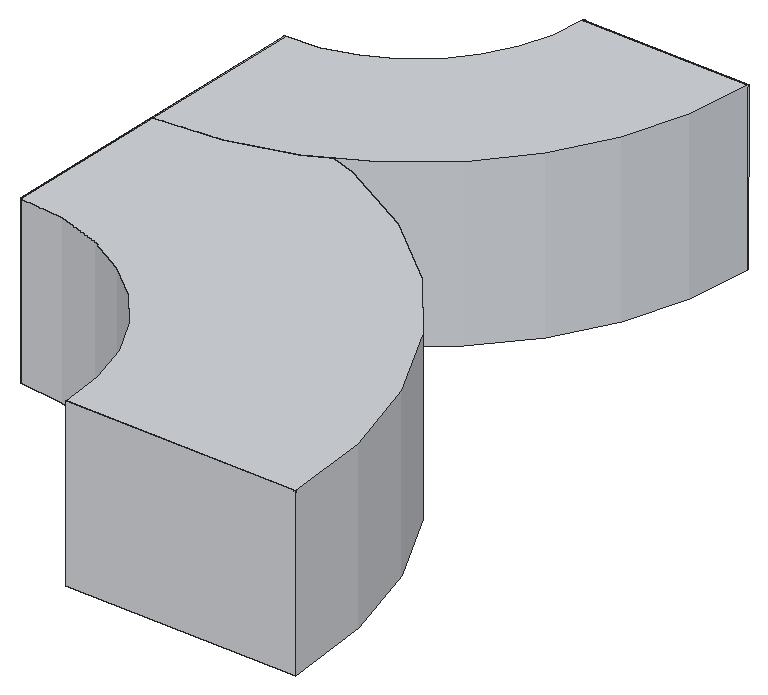
Revit family "M_Rectangular Wye Curved Transition - DTL", category Duct Fittings, Revit 2014
Parameters (values of type "Standard")
  Top Change Right [instance] = Depth In - Depth Out Right + Bottom Change Right  # 0 mm
  Top Change Left [instance] = -(Depth In - Depth Out Left) + Bottom Change Left  # 0 mm
  Top Offset 1 [instance] = (Depth In - Depth Out Left) / 2 - Top Change Left  # 0 mm
  Top Offset 2 [instance] = (Depth In - Depth Out Right) / 2 - Top Change Right  # 0 mm
  Radius Right [instance] = 625 mm
  Radius Left [instance] = 450 mm
  Length 7 [instance] = Depth Out Left / 4 + Top Offset 1  # 112.5 mm
  Length 6 [instance] = (Depth In + Depth Out Left + Depth Out Right + abs(Top Offset 1) + abs(Top Offset 2)) / 2 + 127 mm  # 802 mm
  Length 5 [instance] = ((Radius Right + Width Out Right / 2) - (Radius Right + Width In / 2) * cos(Angle 3)) / sin(Angle 3)  # 937.5 mm
  Length 4 [instance] = ((Radius Left + Width Out Left / 2) - (Radius Left + Width In / 2) * cos(Angle 2)) / sin(Angle 2)  # 675 mm
  Length 3 [instance] = Width In / 2 + Radius Right  # 1075 mm
  Length 2 [instance] = Width In / 2 + Radius Left  # 900 mm
  Length 19 [instance] = Length 2 - Length 10  # 900 mm
  Length 18 [instance] = if(Straight In = 0 mm, 0.794 mm, Straight In)  # 0.794 mm
  Length 17 [instance] = if(Straight Out Right = 0 mm, 0.794 mm, Straight Out Right)  # 0.794 mm
  Length 16 [instance] = if(Straight Out Left = 0 mm, 0.794 mm, Straight Out Left)  # 0.794 mm
  Length 15 [instance] = 3048 mm + Top Offset 2  # 3048 mm
  Length 14 [instance] = 3048 mm + Top Offset 1  # 3048 mm
  Length 12 [instance] = (Radius Right + Width Out Right / 2) * sin(Angle 3)  # 937.5 mm
  Length 13 [instance] = (Radius Right + Width Out Right / 2) * cos(Angle 3)  # 0 mm
  Length 11 [instance] = (Radius Left + Width Out Left / 2) * sin(Angle 2)  # 675 mm
  Length 10 [instance] = (Radius Left + Width Out Left / 2) * cos(Angle 2)  # 0 mm
  Length 1 [instance] = 9144 mm - (Length 4 + Length 5) / 2  # 8337.75 mm
  Width In [instance] = 900 mm
  Width Out Right [instance] = 625 mm
  Width Out Left [instance] = 450 mm
  Straight In [instance] = 0 mm
  Straight Out Right [instance] = 0 mm
  Straight Out Left [instance] = 0 mm
  Depth In [instance] = 450 mm
  Depth Out Right [instance] = 450 mm
  Depth Out Left [instance] = 450 mm
  Center Radius 2 [instance] = Radius Right + Width Out Right / 2  # 937.5 mm
  Center Radius 1 [instance] = Radius Left + Width Out Left / 2  # 675 mm
  Bottom Change Right [instance] = 0 mm
  Bottom Change Left [instance] = 0 mm
  Angle 3 [instance] = 90.00°
  Angle 2 [instance] = 90.00°
Reference planes
  plane 1 "Center (Front/Back)": y = 0
  plane 2: z = 0
  plane 3 "Center (Left/Right)": x = 0
  plane 4: z = 802
  plane 5: z = -802
  plane 6: z = 802
  plane 7: z = -802
  plane 8: z = 0
  plane 9: z = 0
  plane 10: z = 802
  plane 11: z = -802
  plane 12: z = -3048
  plane 13: x = -806.25
  plane 14: x = -9144
  plane 15: y = 900
  plane 16: y = -1075
  plane 17: x = -807.044
  plane 18: x = -131.25
  plane 19: y = 900
  plane 20: z = 76.2
  plane 21: y = 823.8
  plane 22: z = 398.084
  plane 23: y = -76.2
  plane 24: z = 76.2
  plane 25: x = 131.25
  plane 26: y = -1075
  plane 27: x = -806.25
  plane 28: y = 76.2
  plane 29: z = 76.2
  plane 30: y = -998.8
  plane 31: z = 76.2
Forms (mm)
  Sweep 1, solid, detail levels medium+fine
    path in 3D
      loop
        line (-807.044, 0, 0) -> (-806.25, 0, 0)
    profile "M_Duct - Rectangular : Duct - Rectangular 3" origin (-806.647, 0, 0) x (0, 1, 0) y (0, 0, 1)
      loop
        line (-450, 225) -> (-450, -225) -> (450, -225) -> (450, 225) -> (-450, 225)
  Blend 2, solid, not visible
    base sketch origin (0, 0, 0) x (0, 1, 0) y (0, 0, 1)
      loop
        line (900, 76.2) -> (823.8, 76.2) -> (823.8, 0) -> (900, 0) -> (900, 76.2)
    top sketch origin (0, 0, 0) x (0, 1, 0) y (0, 0, 1)
      loop
        line (0, 76.2) -> (-76.2, 76.2) -> (-76.2, 0) -> (0, 0) -> (0, 76.2)
    from -131.25 to -806.25
  Extrusion 3, void
    sketch origin (571.5, -4572, 0) x (-1, 0, 0) y (0, -1, 0)
      loop
        circle (1377.75, -5472) r 450
    from -863.6 to 863.6
  Extrusion 4, void
    sketch origin (571.5, -4572, 0) x (-1, 0, 0) y (0, -1, 0)
      loop
        circle (1377.75, -3497) r 625
    from -863.6 to 863.6
  Blend 5, solid, not visible
    base sketch origin (0, 0, 0) x (0, 1, 0) y (0, 0, 1)
      loop
        line (76.2, 0) -> (76.2, 76.2) -> (0, 76.2) -> (0, 0) -> (76.2, 0)
    top sketch origin (0, 0, 0) x (0, 1, 0) y (0, 0, 1)
      loop
        line (-998.8, 76.2) -> (-1075, 76.2) -> (-1075, 0) -> (-998.8, 0) -> (-998.8, 76.2)
    from -806.25 to 131.25
  SweptBlend 6, solid, detail levels medium+fine
    path in 3D
      loop
        arc (-806.25, -137.5, 0) -> (-143.337, -412.087, 0) -> (131.25, -1075, 0) r 937.5
    profile "M_Duct - Rectangular : Duct - Rectangular 5" origin (-806.25, -137.5, 0) x (0, 1, 0) y (0, 0, 1)
      loop
        line (-312.5, 225) -> (-312.5, -225) -> (312.5, -225) -> (312.5, 225) -> (-312.5, 225)
    end profile "M_Duct - Rectangular : Duct - Rectangular 2" origin (131.25, -1075, 0) x (1, 0, 0) y (0, 0, 1)
      loop
        line (-312.5, 225) -> (-312.5, -225) -> (312.5, -225) -> (312.5, 225) -> (-312.5, 225)
  SweptBlend 7, solid, detail levels medium+fine
    path in 3D
      loop
        arc (-806.25, 225, 0) -> (-328.953, 422.703, 0) -> (-131.25, 900, 0) r 675
    profile "M_Duct - Rectangular : Duct - Rectangular 4" origin (-806.25, 225, 0) x (0, 1, 0) y (0, 0, 1)
      loop
        line (-225, 225) -> (-225, -225) -> (225, -225) -> (225, 225) -> (-225, 225)
    end profile "M_Duct - Rectangular : Duct - Rectangular 1" origin (-131.25, 900, 0) x (-1, 0, 0) y (0, 0, 1)
      loop
        line (-225, 225) -> (-225, -225) -> (225, -225) -> (225, 225) -> (-225, 225)
  Sweep 8, solid, detail levels medium+fine
    path in 3D
      loop
        line (-131.25, 900, 0) -> (-131.25, 900.794, 0)
    profile "M_Duct - Rectangular : Duct - Rectangular 1" origin (-131.25, 900.397, 0) x (-1, 0, 0) y (0, 0, 1)
      loop
        line (-225, 225) -> (-225, -225) -> (225, -225) -> (225, 225) -> (-225, 225)
  Sweep 9, solid, detail levels medium+fine
    path in 3D
      loop
        line (131.25, -1075, 0) -> (131.25, -1075.794, 0)
    profile "M_Duct - Rectangular : Duct - Rectangular 2" origin (131.25, -1075.397, 0) x (1, 0, 0) y (0, 0, 1)
      loop
        line (-312.5, 225) -> (-312.5, -225) -> (312.5, -225) -> (312.5, 225) -> (-312.5, 225)
Lines and regions (mm)
  model lines, detail levels coarse
    curve 1: line (-807.044, 0, 0) -> (-806.25, 0, 0)
    curve 3: line (-131.25, 900, 0) -> (-806.25, 0, 0)
    curve 8: line (-131.25, 900, 0) -> (-131.25, 900.794, 0)
    curve 10: line (131.25, -1075, 0) -> (131.25, -1075.794, 0)
    curve 12: line (-806.25, 0, 0) -> (131.25, -1075, 0)
  sketch lines
    curve 2: line (-807.044, 0, 0) -> (-806.25, 0, 0)
    curve 5: arc (-806.25, -137.5, 0) -> (-143.337, -412.087, 0) -> (131.25, -1075, 0) r 937.5
    curve 7: arc (-806.25, 225, 0) -> (-328.953, 422.703, 0) -> (-131.25, 900, 0) r 675
    curve 9: line (-131.25, 900, 0) -> (-131.25, 900.794, 0)
    curve 11: line (131.25, -1075, 0) -> (131.25, -1075.794, 0)
  reference lines
    curve 4: arc (-806.25, -137.5, 0) -> (-143.337, -412.087, 0) -> (131.25, -1075, 0) r 937.5
    curve 6: arc (-806.25, 225, 0) -> (-328.953, 422.703, 0) -> (-131.25, 900, 0) r 675
Dimensions and locks
  equal spacing: plane 4, plane 2, plane 5
  "Length 6": plane 4 to plane 2
  equal spacing: plane 6, plane 2, plane 7
  "Length 6": plane 6 to plane 2
  equal spacing: plane 10, plane 2, plane 11
  "Length 6": plane 10 to plane 2
  locked: plane 2 to plane 12 at 3048
  "Length 14": plane 8 to plane 12
  "Length 15": plane 9 to plane 12
  locked: plane 14 to plane 3 "Center (Left/Right)" at 9144
  "Length 1": plane 14 to plane 13
  "Length 2": plane 15 to plane 1 "Center (Front/Back)"
  "Length 3": plane 1 "Center (Front/Back)" to plane 16
  "Length 18": plane 17 to plane 13
  "Length 19": plane 19 to plane 1 "Center (Front/Back)"
  "Length 11": plane 13 to plane 18
  locked: plane 20 to plane 8 at 76.2
  locked: plane 19 to plane 21 at 76.2
  plane 1 "Center (Front/Back)" to plane 23 = 76.2 mm
  locked: plane 24 to plane 2 at 76.2
  "Length 12": plane 13 to plane 25
  "Length 13": plane 26 to plane 16
  "Length 1": plane 14 to plane 27
  plane 28 to plane 1 "Center (Front/Back)" = 76.2 mm
  plane 30 to plane 26 = 76.2 mm
  plane 29 to plane 9 = 76.2 mm
  locked: plane 31 to plane 2 at 76.2
  "Length 16": curve 8 to curve 8
  "Length 17": curve 10 to curve 10
  "Radius Right": radius of Extrusion 4 sketch curve
  "Radius Left": radius of Extrusion 3 sketch curve
  "Center Radius 2": radius of curve 4
  "Center Radius 1": radius of curve 6
  "Angle 3": angle curve 4 to curve 4
  "Angle 2": angle curve 6 to curve 6
  "Angle 2": angle plane 19 to curve 8
  "Angle 3": angle curve 10 to plane 26
  aligned and locked: Blend 2 sketch curve to plane 19
  aligned and locked: Blend 2 sketch curve to plane 21
  aligned and locked: Blend 2 sketch curve to plane 20
  aligned and locked: plane 1 "Center (Front/Back)" to Blend 2 sketch curve
  aligned and locked: plane 2 to Blend 2 sketch curve
  aligned and locked: Blend 2 sketch curve to plane 24
  aligned and locked: Blend 2 sketch curve to plane 23
  aligned and locked: Blend 2 to plane 13
  aligned and locked: plane 18 to Blend 2
  aligned and locked: curve 3 to Blend 2  (x2)
  aligned and locked: plane 13 to Extrusion 3 sketch curve
  aligned and locked: plane 15 to Extrusion 3 sketch curve
  aligned and locked: plane 16 to Extrusion 4 sketch curve
  aligned and locked: plane 27 to Extrusion 4 sketch curve
  aligned and locked: Blend 5 sketch curve to plane 1 "Center (Front/Back)"
  aligned and locked: plane 28 to Blend 5 sketch curve
  aligned and locked: plane 26 to Blend 5 sketch curve
  aligned and locked: plane 9 to Blend 5 sketch curve
  aligned and locked: plane 30 to Blend 5 sketch curve
  aligned and locked: Blend 5 sketch curve to plane 29
  aligned and locked: Blend 5 to plane 27
  aligned and locked: plane 25 to Blend 5
  aligned and locked: plane 31 to Blend 5 sketch curve
  aligned and locked: Blend 5 sketch curve to plane 2
  aligned and locked: plane 13 to curve 1
  aligned and locked: plane 16 to curve 4
  aligned and locked: plane 13 to curve 4  (x2)
  aligned and locked: plane 15 to curve 6
  aligned and locked: plane 13 to curve 6  (x2)
  aligned and locked: plane 18 to curve 8
  aligned and locked: plane 19 to curve 8
  aligned and locked: plane 26 to curve 10
  aligned and locked: plane 25 to curve 10
  aligned and locked: curve 12 to Blend 5
Automatic sketch dimensions
  Blend 2 sketch curve to plane 8 = 0 mm
  curve 3 to Blend 2 = 0 mm
  plane 1 "Center (Front/Back)" to curve 1 = 0 mm
  curve 1 to plane 17 = 0 mm
  curve 12 to Blend 5 = 0 mm  (x2)
Connectors
  hvac at (-807.044, 0, 0), driven by "Depth In", driven by "Width In"
    settings: on Sweep 1, index 1, duct flow 0.0 L/s, flow factor 0, pres drop 0.0 Pa, loss coef 0, conn angle 0.00°, conn width 900 mm, conn height 450 mm, conn diameter 609.6 mm, duct sys type 28, conn prof type 1, flow config 0, flow direction 0, loss method 0, conn ref index -1, conn util no, is conn primary yes, conn desc ""
  hvac at (131.25, -1075.794, 0), driven by "Angle 3", driven by "Depth Out Right", driven by "Width Out Right"
    settings: on Sweep 9, index 2, duct flow 0.0 L/s, flow factor 0, pres drop 0.0 Pa, loss coef 0, conn angle 90.00°, conn width 625 mm, conn height 450 mm, conn diameter 609.6 mm, duct sys type 28, conn prof type 1, flow config 0, flow direction 0, loss method 0, conn ref index -1, conn util no, is conn primary no, conn desc ""
  hvac at (-131.25, 900.794, 0), driven by "Angle 2", driven by "Depth Out Left", driven by "Width Out Left"
    settings: on Sweep 8, index 3, duct flow 0.0 L/s, flow factor 0, pres drop 0.0 Pa, loss coef 0, conn angle 90.00°, conn width 450 mm, conn height 450 mm, conn diameter 609.6 mm, duct sys type 28, conn prof type 1, flow config 0, flow direction 0, loss method 0, conn ref index -1, conn util no, is conn primary no, conn desc ""
